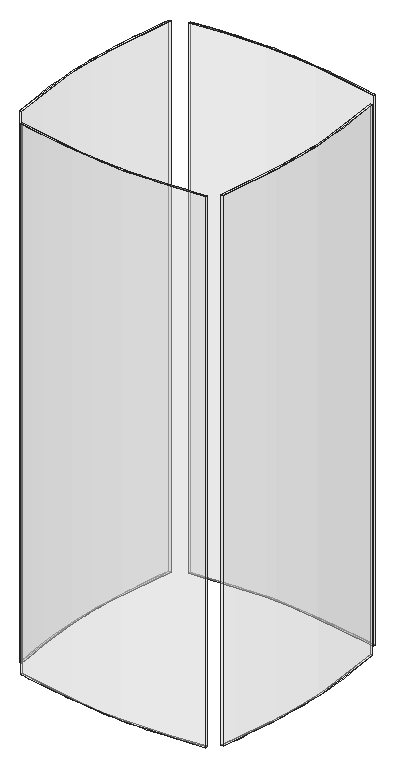
Revit family "SH-1736", category Lighting Fixtures, host Face, Revit 2017
Family settings
  Host = Face
  Round Connector Dimension = Use Diameter
  Part Type = Normal
  Cut with Voids When Loaded = No
  Light Source = Yes
  Shared = No
  Room Calculation Point = No
Parameters (values of type "SH-1736(Black color-3000K-E27)")
  website = "www.shoaco.com"
  instalation = "Surface mounted"
  consumption current = 0.06 A
  color temperature = "3000K"
  color rendering index(CRI) = ""
  Width = 18.444 cm
  Wattage. = 9 W
  Wattage = 9 W
  Voltage/Frequency = "230v/50hz"
  built-in parameter 1150110 = 1 (stored number, unit not read)
  URL = "https://www.shoaco.com/fa/product/%DA%86%D8%B1%D8%A7%D8%BA-%D9%87%D8%A7%DB%8C-%D8%AD%DB%8C%D8%A7%D8%B7%DB%8C/568-%DA%86%D8%B1%D8%A7%D8%BA-%D9%87%D8%A7%DB%8C-%D8%AD%DB%8C%D8%A7%D8%B7%DB%8C-%D9%85%D8%AF%D9%84-SH-1736.html"
  Type medule = ""
  built-in parameter 1114217 = 1 (stored number, unit not read)
  Tilt Angle = 90.00°
  built-in parameter 1150109 = 1 (stored number, unit not read)
  built-in parameter 1150134 = (empty or 0)
  built-in parameter 1150113 = 1 (stored number, unit not read)
  Protection Class = "Class I"
  Photometric Web File = "4376_V-TAC7WLEDBulbE27A60Thermoplastic3000K_1-5117.ies"
  Model = "SH-1736"
  Manufacturer = "SHOA"
  built-in parameter 1150105 = 50.134 (stored number, unit not read)
  Lumens = 630 lm
  built-in parameter 1150115 = 1 (stored number, unit not read)
  built-in parameter 1150137 = (empty or 0)
  built-in parameter 1150139 = (empty or 0)
  built-in parameter 1150112 = 1 (stored number, unit not read)
  built-in parameter 1150114 = 1 (stored number, unit not read)
  Lamp = "E27"
  built-in parameter 1150132 = (empty or 0)
  built-in parameter 1150102 = (empty or 0)
  built-in parameter 1150107 = 3000 (stored number, unit not read)
  built-in parameter 1150138 = (empty or 0)
  built-in parameter 1150106 = 0.50134 (stored number, unit not read)
  IP = "IP44"
  Height = 68.566 cm
  Flicker = ""
  Emit from Circle Diameter = 60.96 cm
  Emit Shape Visible in Rendering = no
  built-in parameter 1150104 = 6.5032 (stored number, unit not read)
  Dimming Lamp Color Temperature Shift = <None>
  Diffuser Material = "Acrylic"
  Diffuser [instance] = Diffuser
  Default Elevation = 121.92 cm
  Color Filter = 16777215
  Body color = Black Body
  Body Material = "Aluminum"
  built-in parameter 1114218 = 1 (stored number, unit not read)
  built-in parameter 1150133 = 10 (stored number, unit not read)
Reference planes (cm)
  plane 1 "Center (Front/Back)": y = 0
  plane 2: z = 0
  plane 3 "Center (Left/Right)": x = 0
  plane 4: z = 0
  plane 5: z = 68.566
  plane 6: x = -9.2727
  plane 7: x = 9.1713
  plane 8: x = 5
  plane 9: x = -5
Dimensions and locks (cm)
  "Height": plane 5 to host face
  "Width": plane 6 to plane 7
  locked: plane 8 to plane 9 at 10
  aligned and locked: plane 2 to host face
  aligned and locked: level to host face
Automatic sketch dimensions
  host sketch curve to host sketch curve = 243.84 cm  (x2)
Nested families (cm)
  nested 1: "01-1736-MODEL" at (0.1042, 0.5704, -0.15), Body color <- "Body color", Diffuser <- "Diffuser", type "02-1736-MODEL"
    with Diffuser Diffuser, Body color Black Body
Connectors (cm)
  electrical at (0.0486, 0.6568, 34.2)
    settings: on nested 1, index 2, voltage 230 V, apparent load 0 VA, apparent load phase1 0 VA, apparent load phase2 0 VA, apparent load phase3 0 VA, power factor 1, load classification "Other", number of poles 1, system type 31, power factor state 1, is connector primary yes, connector utility no, sub classification motor no, connector description ""
Definition of nested family "01-1736-MODEL"
  Parameters (values of type "Family2")
    Diffuser [instance] = none
    Body color [instance] = none
  Reference planes (cm)
    plane 1 "Center (Front/Back)": y = 0
    plane 2: z = 0
    plane 3 "Center (Left/Right)": x = 0
  Forms (cm)
    Extrusion 1, solid, material <- "Diffuser"
      sketch origin (0, 0, 0) x (1, 0, 0) y (0, 1, 0)
        loop
          line (-5.3203, 6.1882) -> (-5.331, 6.0529)
          spline (-5.331, 6.0529) -> (-4.6757, 6.1436) -> (-3.5563, 6.2913) -> (-2.5351, 6.4097) -> (-1.7064, 6.4846) -> (-1.0107, 6.5252) -> (-0.3893, 6.5397) -> (0.2142, 6.5331) -> (0.8522, 6.5096) -> (1.5518, 6.4701) -> (2.3487, 6.4104) -> (3.5319, 6.2836) -> (5.5642, 6.0136)
          line (5.5642, 6.0136) -> (5.5642, 6.1536)
          spline (5.5642, 6.1536) -> (5.3001, 6.1945) -> (4.7048, 6.2847) -> (3.8903, 6.3849) -> (2.9668, 6.4804) -> (2.0446, 6.5604) -> (1.1974, 6.6169) -> (0.4022, 6.6494) -> (-0.3795, 6.6588) -> (-1.1894, 6.6451) -> (-2.1469, 6.5891) -> (-3.455, 6.4505) -> (-5.3203, 6.1882)
      from 35.87 to 64.79
    Extrusion 2, solid, material <- "Diffuser"
      sketch origin (0.0007, 0.113, 0) x (0, 1, 0) y (-1, 0, 0)
        loop
          line (-5.3203, 6.1882) -> (-5.331, 6.0529)
          spline (-5.331, 6.0529) -> (-4.6757, 6.1436) -> (-3.5563, 6.2913) -> (-2.5351, 6.4097) -> (-1.7064, 6.4846) -> (-1.0107, 6.5252) -> (-0.3893, 6.5397) -> (0.2142, 6.5331) -> (0.8522, 6.5096) -> (1.5518, 6.4701) -> (2.3487, 6.4104) -> (3.5319, 6.2836) -> (5.5642, 6.0136)
          line (5.5642, 6.0136) -> (5.5642, 6.1536)
          spline (5.5642, 6.1536) -> (5.3001, 6.1945) -> (4.7048, 6.2847) -> (3.8903, 6.3849) -> (2.9668, 6.4804) -> (2.0446, 6.5604) -> (1.1974, 6.6169) -> (0.4022, 6.6494) -> (-0.3795, 6.6588) -> (-1.1894, 6.6451) -> (-2.1469, 6.5891) -> (-3.455, 6.4505) -> (-5.3203, 6.1882)
      from 35.87 to 64.79
    Extrusion 3, solid, material <- "Diffuser"
      sketch origin (0.1494, 0.0493, 0) x (-1, 0, 0) y (0, -1, 0)
        loop
          line (-5.3203, 6.1882) -> (-5.331, 6.0529)
          spline (-5.331, 6.0529) -> (-4.6757, 6.1436) -> (-3.5563, 6.2913) -> (-2.5351, 6.4097) -> (-1.7064, 6.4846) -> (-1.0107, 6.5252) -> (-0.3893, 6.5397) -> (0.2142, 6.5331) -> (0.8522, 6.5096) -> (1.5518, 6.4701) -> (2.3487, 6.4104) -> (3.5319, 6.2836) -> (5.5642, 6.0136)
          line (5.5642, 6.0136) -> (5.5642, 6.1536)
          spline (5.5642, 6.1536) -> (5.3001, 6.1945) -> (4.7048, 6.2847) -> (3.8903, 6.3849) -> (2.9668, 6.4804) -> (2.0446, 6.5604) -> (1.1974, 6.6169) -> (0.4022, 6.6494) -> (-0.3795, 6.6588) -> (-1.1894, 6.6451) -> (-2.1469, 6.5891) -> (-3.455, 6.4505) -> (-5.3203, 6.1882)
      from 35.87 to 64.79
    Extrusion 4, solid, material <- "Diffuser"
      sketch origin (-0.1667, 0.0356, 0) x (0, -1, 0) y (1, 0, 0)
        loop
          line (-5.3203, 6.1882) -> (-5.331, 6.0529)
          spline (-5.331, 6.0529) -> (-4.6757, 6.1436) -> (-3.5563, 6.2913) -> (-2.5351, 6.4097) -> (-1.7064, 6.4846) -> (-1.0107, 6.5252) -> (-0.3893, 6.5397) -> (0.2142, 6.5331) -> (0.8522, 6.5096) -> (1.5518, 6.4701) -> (2.3487, 6.4104) -> (3.5319, 6.2836) -> (5.5642, 6.0136)
          line (5.5642, 6.0136) -> (5.5642, 6.1536)
          spline (5.5642, 6.1536) -> (5.3001, 6.1945) -> (4.7048, 6.2847) -> (3.8903, 6.3849) -> (2.9668, 6.4804) -> (2.0446, 6.5604) -> (1.1974, 6.6169) -> (0.4022, 6.6494) -> (-0.3795, 6.6588) -> (-1.1894, 6.6451) -> (-2.1469, 6.5891) -> (-3.455, 6.4505) -> (-5.3203, 6.1882)
      from 35.87 to 64.79
  Cuts and joins
    joined: Extrusion 1, Extrusion 2, Extrusion 3, Extrusion 4
  Dimensions and locks (cm)
    aligned and locked: plane 2 to level
